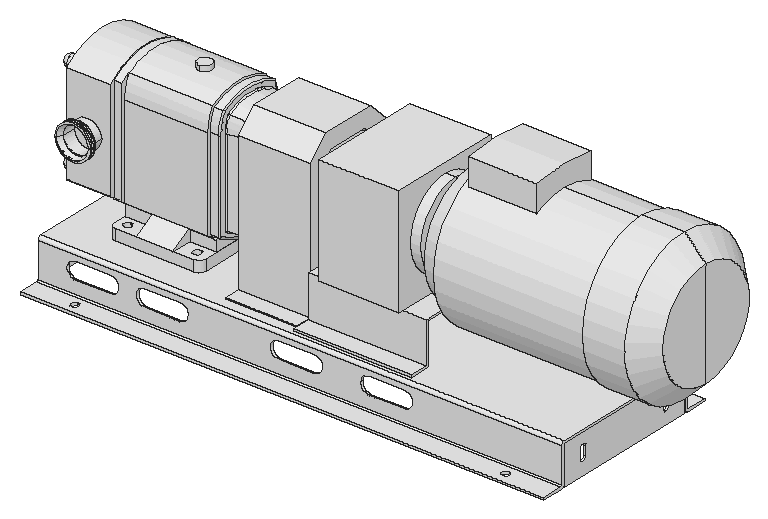
Revit family "MLP 23 - MR002 - Lobe Pump ", category Specialty Equipment, Revit 2022
Family settings
  Round Connector Dimension = Use Diameter
  Part Type = Normal
  Work Plane-Based = No
  Always vertical = Yes
  Cut with Voids When Loaded = No
  Maintain Annotation Orientation = No
  Shared = No
  Room Calculation Point = No
Parameters (values of type "MLP 23 - 4kW")
  URL = "https://en.ekinendustriyel.com/lobe-pumps/lobe-pumps"
  Pressure = 20.0 bar  # constant formula
  Motor Power = 4 kW
  Model = "MLP-23 TUL - MR002"
  Manufacturer = "Ekin Endüstriyel"
  Keynote = "Double Serpentine Heater Tank"
  Flow = 5.0 m³/h  # constant formula
  Description = "MIT MLP 23 - Lobe Pump"
  Default Elevation = 0 mm
Types (5, lengths in mm): name | Motor Power | Model
  MLP 23 - 1.5 kW | 1.5 kW | "MLP-23 TUL - MR172"
  MLP 23 - 1.1 kW | 1.1 kW | "MLP-23 TUL - MR172"
  MLP 23 - 2.2 kW | 2.2 kW | "MLP-23 TUL - MR172"
  MLP 23 - 3kW | 3 kW | "MLP-23 TUL - MR172"
  MLP 23 - 4kW | 4 kW | "MLP-23 TUL - MR002"
Reference planes
  plane 1 "Center (Front/Back)": y = 0
  plane 2: z = 0
  plane 3 "Center (Left/Right)": x = 0
Forms (mm)
  Extrusion 1, solid, material "Ekin Endüstriyel_StainlesSteel", detail levels medium+fine
    sketch origin (0, 0, 0) x (0, 1, 0) y (0, 0, 1)
      loop
        arc (65, 198) -> (0, 223) -> (-65, 198) r 97
        line (-65, 198) -> (-65, 54)
        arc (-65, 54) -> (0, 29) -> (65, 54) r 97
        line (65, 54) -> (65, 198)
    from -0.581 to -63.081
  Extrusion 2, solid, material "Ekin Endüstriyel_StainlesSteel", detail levels medium+fine
    sketch origin (0, 0, 0) x (0, 1, 0) y (0, 0, 1)
      loop
        arc (-48, 210.291) -> (-53.968, 195.324) -> (-56, 179.34) r 63.873
        line (-56, 179.34) -> (-56, 46.798)
        arc (-56, 46.798) -> (0, 29) -> (56, 46.798) r 97
        line (56, 46.798) -> (56, 169.858)
        arc (56, 169.858) -> (53.981, 190.467) -> (48, 210.291) r 106.175
        arc (48, 210.291) -> (0, 223) -> (-48, 210.291) r 97
    from 132.919 to 11.419
  Extrusion 3, solid, material "Ekin Endüstriyel_StainlesSteel", detail levels coarse
    sketch origin (0, 0, 0) x (0, 1, 0) y (0, 0, 1)
      loop
        arc (65, 198) -> (0, 223) -> (-65, 198) r 97
        line (-65, 198) -> (-65, 54)
        arc (-65, 54) -> (0, 29) -> (65, 54) r 97
        line (65, 54) -> (65, 198)
    from -63.081 to 183.857
  Sweep 4, solid, material "Ekin Endüstriyel_StainlesSteel", detail levels medium+fine
    path in 3D
      loop
        arc (132.919, 48, 210.291) -> (132.919, 53.981, 190.467) -> (132.919, 56, 169.858) r 106.175
        line (132.919, 56, 169.858) -> (132.919, 56, 46.798)
        arc (132.919, 56, 46.798) -> (132.919, 0, 29) -> (132.919, -56, 46.798) r 97
        line (132.919, -56, 46.798) -> (132.919, -56, 179.34)
        arc (132.919, -56, 179.34) -> (132.919, -53.968, 195.324) -> (132.919, -48, 210.291) r 63.873
        arc (132.919, -48, 210.291) -> (132.919, 0, 223) -> (132.919, 48, 210.291) r 97
    profile origin (132.919, 0, 223) x (0, 0, 1) y (1, 0, 0)
      loop
        line (-2.005, 0) -> (-2.005, 13.004)
        arc (-2.005, 13.004) -> (-2.584, 14.402) -> (-3.981, 14.98) r 1.976
        line (-3.981, 14.98) -> (-10.133, 14.98)
        arc (-10.133, 14.98) -> (-11.482, 15.503) -> (-12.125, 16.799) r 2
        line (-12.125, 16.799) -> (-15.082, 49.18)
        arc (-15.082, 49.18) -> (-15.704, 50.432) -> (-17.007, 50.938) r 1.933
        line (-17.007, 50.938) -> (-23.918, 50.938) -> (-23.918, 0) -> (-2.005, 0)
  Extrusion 5, solid, material "Ekin Endüstriyel_StainlesSteel", detail levels medium+fine
    sketch origin (0, 0, 0) x (0, 1, 0) y (0, 0, 1)
      loop
        arc (-29.766, 192.746) -> (-31.499, 186.142) -> (-32.082, 179.34) r 39.955
        line (-32.082, 179.34) -> (-32.082, 60.336)
        arc (-32.082, 60.336) -> (0, 52.918) -> (32.082, 60.336) r 73.082
        line (32.082, 60.336) -> (32.082, 169.858)
        arc (32.082, 169.858) -> (31.232, 181.657) -> (28.697, 193.212) r 82.257
        arc (28.697, 193.212) -> (-0.583, 199.08) -> (-29.766, 192.746) r 73.082
    from 132.919 to 183.857
  Revolve 6, solid, material "Ekin Endüstriyel_StainlesSteel", detail levels fine
    sketch origin (35.739, 0, 123.787) x (1, 0, 0) y (0, 1, 0)
      loop
        line (-89.934, -65.017) -> (-89.934, -81.023) -> (-93.069, -81.023) -> (-94.837, -82.044) -> (-92.833, -83.2) -> (-94.837, -84.357) -> (-92.832, -85.515) -> (-94.837, -86.672) -> (-92.833, -87.829) -> (-94.837, -88.986) -> (-92.658, -90.244) -> (-94.841, -91.504) -> (-92.498, -91.504) -> (-89.934, -83.591) -> (-88.813, -83.591) -> (-88.813, -65.017) -> (-89.934, -65.017)
      axis (-69.763, -65.017) -> (-69.763, -91.504)
    angle from 0 to 360
  Extrusion 7, solid, material "Ekin Endüstriyel_StainlesSteel"
    sketch origin (-63.081, 0, 0) x (0, -1, 0) y (0, 0, 1)
      loop
        circle (0, 126) r 50
    from 0 to 10
  Extrusion 8, solid, material "Ekin Endüstriyel_StainlesSteel", detail levels medium+fine
    sketch origin (0, 0, 0) x (0, 1, 0) y (0, 0, 1)
      loop
        line (-34.093, 32.841) -> (-65, 15) -> (65, 15) -> (34.097, 32.842)
        arc (34.097, 32.842) -> (0.002, 27.834) -> (-34.093, 32.841) r 118.583
    from 36.862 to 89.521
  Extrusion 9, solid, material "Ekin Endüstriyel_StainlesSteel", detail levels medium
    sketch origin (-75.568, 0, 30.923) x (1, 0, 0) y (0, 0, 1)
      loop
        circle (41.544, 92.864) r 25.078
      loop
        circle (41.544, 92.864) r 19.05
    from 65.017 to 91.504
  Extrusion 10, solid, material "Ekin Endüstriyel_StainlesSteel"
    sketch origin (107.25, 0, 153) x (0, 0, 1) y (0, 1, 0)
      loop
        circle (0, 0) r 11
    from -123.169 to -76.607
  Extrusion 11, solid, material "Ekin Endüstriyel_StainlesSteel", detail levels medium+fine
    sketch origin (0, 0, 0) x (0, 1, 0) y (0, 0, 1)
      loop
        line (-60, 202.217) -> (-60, 49.783)
        arc (-60, 49.783) -> (0, 29) -> (60, 49.783) r 97
        line (60, 49.783) -> (60, 202.217)
        arc (60, 202.217) -> (0, 223) -> (-60, 202.217) r 97
    from 11.419 to -0.581
  Extrusion 12, solid, material "Ekin Endüstriyel_StainlesSteel", detail levels coarse
    sketch origin (-99.135, 0, 4.353) x (1, 0, 0) y (0, 0, 1)
      loop
        circle (65.111, 119.434) r 25.078
    from 65 to 91.504
  Extrusion 13, solid, material "Ekin Endüstriyel_StainlesSteel"
    sketch origin (0, 0, 0) x (1, 0, 0) y (0, 1, 0)
      loop
        circle (12.419, -50) r 6
      loop
        circle (112.419, -50) r 6
      loop
        circle (12.419, 50) r 6
      loop
        circle (112.419, 50) r 6
      loop
        line (119.419, 65) -> (7.419, 65)
        arc (7.419, 65) -> (0.348, 62.071) -> (-2.581, 55) r 10
        line (-2.581, 55) -> (-2.581, -55)
        arc (-2.581, -55) -> (0.348, -62.071) -> (7.419, -65) r 10
        line (7.419, -65) -> (119.419, -65)
        arc (119.419, -65) -> (126.49, -62.071) -> (129.419, -55) r 10
        line (129.419, -55) -> (129.419, 55)
        arc (129.419, 55) -> (126.49, 62.071) -> (119.419, 65) r 10
    from 0 to 15
  Extrusion 14, solid, material "Ekin Endüstriyel_StainlesSteel"
    sketch origin (0, 0, 0) x (0, 1, 0) y (0, 0, 1)
      loop
        arc (-33.135, 32.594) -> (-34.417, 32.362) -> (-35, 31.197) r 1.456
        line (-35, 31.197) -> (-35, 15) -> (35.25, 15) -> (35.25, 31.095)
        arc (35.25, 31.095) -> (34.637, 32.321) -> (33.289, 32.566) r 1.532
        arc (33.289, 32.566) -> (0.075, 27.834) -> (-33.135, 32.594) r 118.583
    from -2.581 to 129.018
  Revolve 15, solid, material "Ekin Endüstriyel_StainlesSteel", detail levels fine
    sketch origin (56.401, 0, 191.795) x (1, 0, 0) y (0, 1, 0)
      loop
        line (-119.482, -48.5) -> (-119.482, -39.954) -> (-141.528, -39.954)
        arc (-141.528, -39.954) -> (-139.025, -45.997) -> (-132.982, -48.5) r 8.546
        line (-132.982, -48.5) -> (-119.482, -48.5)
      axis (-119.482, -39.954) -> (-141.528, -39.954)
    angle from 0 to 360
  Extrusion 16, solid, material "Ekin Endüstriyel_StainlesSteel", detail levels medium+fine
    sketch origin (0, 0, 0) x (1, 0, 0) y (0, 1, 0)
      loop
        circle (83.419, 0) r 10
    from 221 to 229
  Extrusion 17, solid, material "Ekin Endüstriyel_StainlesSteel", detail levels coarse+medium
    sketch origin (-119.482, 0, 146.417) x (0, 0, 1) y (0, 1, 0)
      loop
        circle (45.378, -39.954) r 8.546
      loop
        circle (45.378, 39.954) r 8.546
      loop
        circle (-86.212, 39.954) r 8.546
      loop
        circle (-86.212, -39.954) r 8.546
    from -56.401 to -33.901
  Revolve 18, solid, material "Ekin Endüstriyel_StainlesSteel", detail levels fine
    sketch origin (56.401, 0, 191.795) x (1, 0, 0) y (0, 1, 0)
      loop
        line (-119.482, 48.5) -> (-132.982, 48.5)
        arc (-132.982, 48.5) -> (-139.025, 45.997) -> (-141.528, 39.954) r 8.546
        line (-141.528, 39.954) -> (-119.482, 39.954) -> (-119.482, 48.5)
      axis (-119.482, 39.954) -> (-141.528, 39.954)
    angle from 0 to 360
  Revolve 19, solid, material "Ekin Endüstriyel_StainlesSteel", detail levels fine
    sketch origin (56.401, 0, 60.205) x (1, 0, 0) y (0, 1, 0)
      loop
        line (-119.482, -48.5) -> (-119.482, -39.954) -> (-141.528, -39.954)
        arc (-141.528, -39.954) -> (-139.025, -45.997) -> (-132.982, -48.5) r 8.546
        line (-132.982, -48.5) -> (-119.482, -48.5)
      axis (-119.482, -39.954) -> (-141.528, -39.954)
    angle from 0 to 360
  Revolve 20, solid, material "Ekin Endüstriyel_StainlesSteel", detail levels fine
    sketch origin (56.401, 0, 60.205) x (1, 0, 0) y (0, 1, 0)
      loop
        line (-119.482, 48.5) -> (-132.982, 48.5)
        arc (-132.982, 48.5) -> (-139.025, 45.997) -> (-141.528, 39.954) r 8.546
        line (-141.528, 39.954) -> (-119.482, 39.954) -> (-119.482, 48.5)
      axis (-119.482, 39.954) -> (-141.528, 39.954)
    angle from 0 to 360
  Extrusion 21, solid, material "Ekin Endüstriyel_StainlesSteel", detail levels medium
    sketch origin (-75.568, 0, 30.923) x (1, 0, 0) y (0, 0, -1)
      loop
        circle (41.544, -92.864) r 25.078
      loop
        circle (41.544, -92.864) r 19.05
    from 65.017 to 91.504
  Extrusion 22, solid, material "Ekin Endüstriyel_StainlesSteel", detail levels coarse
    sketch origin (-99.135, 0, 4.353) x (1, 0, 0) y (0, 0, -1)
      loop
        circle (65.111, -119.434) r 25.078
    from 65 to 91.504
  Revolve 23, solid, material "Ekin Endüstriyel_StainlesSteel", detail levels fine
    sketch origin (35.739, 0, 123.787) x (1, 0, 0) y (0, 1, 0)
      loop
        line (-89.934, 65.017) -> (-88.813, 65.017) -> (-88.813, 83.591) -> (-89.934, 83.591) -> (-92.498, 91.504) -> (-94.841, 91.504) -> (-92.658, 90.244) -> (-94.837, 88.986) -> (-92.833, 87.829) -> (-94.837, 86.672) -> (-92.832, 85.515) -> (-94.837, 84.357) -> (-92.833, 83.2) -> (-94.837, 82.044) -> (-93.069, 81.023) -> (-89.934, 81.023) -> (-89.934, 65.017)
      axis (-69.763, 65.017) -> (-69.763, 91.504)
    angle from 0 to 360
  Extrusion 24, solid, material "Ekin Endüstriyel_StainlesSteel", detail levels medium+fine
    sketch origin (57.669, 0, 0) x (0, 1, 0) y (0, 0, 1)
      loop
        line (145, -57) -> (114.5, -57)
        arc (114.5, -57) -> (113.086, -56.414) -> (112.5, -55) r 2
        line (112.5, -55) -> (112.5, -5)
        arc (112.5, -5) -> (111.036, -1.464) -> (107.5, 0) r 5
        line (107.5, 0) -> (-107.5, 0)
        arc (-107.5, 0) -> (-111.036, -1.464) -> (-112.5, -5) r 5
        line (-112.5, -5) -> (-112.5, -55)
        arc (-112.5, -55) -> (-113.086, -56.414) -> (-114.5, -57) r 2
        line (-114.5, -57) -> (-145, -57) -> (-145, -60) -> (-114.5, -60)
        arc (-114.5, -60) -> (-110.964, -58.536) -> (-109.5, -55) r 5
        line (-109.5, -55) -> (-109.5, -5)
        arc (-109.5, -5) -> (-108.914, -3.586) -> (-107.5, -3) r 2
        line (-107.5, -3) -> (107.5, -3)
        arc (107.5, -3) -> (108.914, -3.586) -> (109.5, -5) r 2
        line (109.5, -5) -> (109.5, -55)
        arc (109.5, -55) -> (110.964, -58.536) -> (114.5, -60) r 5
        line (114.5, -60) -> (145, -60) -> (145, -57)
    from -124.25 to 629.75
  Extrusion 25, void
    sketch origin (57.669, -112.5, -5) x (0, 0, -1) y (1, 0, 0)
      loop
        line (7.5, -20.25) -> (7.5, -70.25)
        arc (7.5, -70.25) -> (20, -82.75) -> (32.5, -70.25) r 12.5
        line (32.5, -70.25) -> (32.5, -20.25)
        arc (32.5, -20.25) -> (20, -7.75) -> (7.5, -20.25) r 12.5
      loop
        arc (7.5, 29.75) -> (20, 17.25) -> (32.5, 29.75) r 12.5
        line (32.5, 29.75) -> (32.5, 79.75)
        arc (32.5, 79.75) -> (20, 92.25) -> (7.5, 79.75) r 12.5
        line (7.5, 79.75) -> (7.5, 29.75)
      loop
        line (7, 272.75) -> (7, 222.75)
        arc (7, 222.75) -> (19.5, 210.25) -> (32, 222.75) r 12.5
        line (32, 222.75) -> (32, 272.75)
        arc (32, 272.75) -> (19.5, 285.25) -> (7, 272.75) r 12.5
      loop
        arc (7, 352.75) -> (19.5, 340.25) -> (32, 352.75) r 12.5
        line (32, 352.75) -> (32, 402.75)
        arc (32, 402.75) -> (19.5, 415.25) -> (7, 402.75) r 12.5
        line (7, 402.75) -> (7, 352.75)
    from 0 to -225
  Extrusion 26, solid, material "Ekin Endüstriyel_StainlesSteel", detail levels medium+fine
    sketch origin (-66.581, 0, 0) x (0, -1, 0) y (0, 0, 1)
      loop
        line (-107.5, -60) -> (107.5, -60) -> (107.5, -3) -> (-107.5, -3) -> (-107.5, -60)
      loop
        arc (-69, -24) -> (-75, -18) -> (-81, -24) r 6
        line (-81, -24) -> (-81, -36)
        arc (-81, -36) -> (-75, -42) -> (-69, -36) r 6
        line (-69, -36) -> (-69, -24)
      loop
        arc (81, -24) -> (75, -18) -> (69, -24) r 6
        line (69, -24) -> (69, -36)
        arc (69, -36) -> (75, -42) -> (81, -36) r 6
        line (81, -36) -> (81, -24)
    from 0 to -3
  Extrusion 27, solid, material "Ekin Endüstriyel_StainlesSteel", detail levels medium+fine
    sketch origin (684.419, 0, 0) x (0, -1, 0) y (0, 0, 1)
      loop
        line (-107.5, -60) -> (107.5, -60) -> (107.5, -3) -> (-107.5, -3) -> (-107.5, -60)
      loop
        arc (-69, -24) -> (-75, -18) -> (-81, -24) r 6
        line (-81, -24) -> (-81, -36)
        arc (-81, -36) -> (-75, -42) -> (-69, -36) r 6
        line (-69, -36) -> (-69, -24)
      loop
        arc (81, -24) -> (75, -18) -> (69, -24) r 6
        line (69, -24) -> (69, -36)
        arc (69, -36) -> (75, -42) -> (81, -36) r 6
        line (81, -36) -> (81, -24)
    from 0 to -3
  Extrusion 28, void
    sketch origin (57.669, 0, 0) x (1, 0, 0) y (0, 1, 0)
      loop
        circle (562.75, 130) r 5.5
      loop
        circle (-57.25, 130) r 5.5
      loop
        circle (-57.25, -130) r 5.5
      loop
        circle (562.75, -130) r 5.5
    from -60 to -57
  Extrusion 29, solid, material "Ekin Endüstriyel_StainlesSteel", detail levels coarse
    sketch origin (57.669, 0, 0) x (1, 0, 0) y (0, 1, 0)
      loop
        line (-124.25, -145) -> (629.75, -145) -> (629.75, 145) -> (-124.25, 145) -> (-124.25, -145)
    from 0 to -60
  Extrusion 30, solid, material "Ekin Endüstriyel_StainlesSteel", detail levels medium+fine
    sketch origin (183.919, 0, 0) x (0, 1, 0) y (0, 0, 1)
      loop
        line (-68.052, 199.987) -> (-68.052, 1.499) -> (-91.833, 1.499) -> (-91.833, 0) -> (-43.922, 0) -> (-43.922, 189.992) -> (-30.826, 203.088) -> (30.828, 203.088) -> (43.924, 189.992) -> (43.924, 0) -> (91.835, 0) -> (91.835, 1.499) -> (68.054, 1.499) -> (68.054, 199.987) -> (40.823, 227.218) -> (-40.821, 227.218) -> (-68.052, 199.987)
    from 2.472 to 105.552
  Extrusion 31, solid, material "Ekin Endüstriyel_StainlesSteel", detail levels coarse
    sketch origin (57.669, 0, 0) x (0, 1, 0) y (0, 0, 1)
      loop
        line (-75, 63) -> (-75, 0) -> (75, 0) -> (75, 63) -> (-75, 63)
    from 234.75 to 404.75
  Extrusion 32, solid, material "Ekin Endüstriyel_StainlesSteel", detail levels coarse
    sketch origin (183.919, 0, 0) x (0, 1, 0) y (0, 0, 1)
      loop
        line (-68.052, 199.987) -> (-68.052, 0) -> (68.054, 0) -> (68.054, 199.987) -> (40.823, 227.218) -> (-40.821, 227.218) -> (-68.052, 199.987)
    from 2.472 to 105.552
  Extrusion 33, solid, material "Ekin Endüstriyel_StainlesSteel", detail levels medium+fine
    sketch origin (57.669, 0, 0) x (0, 1, 0) y (0, 0, 1)
      loop
        line (-102, 3) -> (-102, 0) -> (-72, 0) -> (-72, 60) -> (72, 60) -> (72, 0) -> (102, 0) -> (102, 3) -> (75, 3) -> (75, 63) -> (-75, 63) -> (-75, 3) -> (-102, 3)
    from 234.75 to 404.75
  Extrusion 34, solid, material "Ekin Endüstriyel_StainlesSteel", not visible, detail levels coarse
    sketch origin (57.669, 0, 0) x (0, 1, 0) y (0, 0, 1)
      loop
        circle (-0.388, 147.07) r 88.007
    from 370.695 to 675.281
  Extrusion 35, solid, material "Ekin Endüstriyel_StainlesSteel", detail levels medium+fine
    sketch origin (57.669, 0, 0) x (0, 1, 0) y (0, 0, 1)
      loop
        line (-82.265, 63) -> (82.454, 63) -> (82.454, 220) -> (-82.265, 220) -> (-82.265, 63)
    from 255.281 to 370.695
  Revolve 36, solid, material "Ekin Endüstriyel_StainlesSteel", not visible, detail levels medium+fine
    sketch origin (57.669, -0.387, 73) x (0, 0, -1) y (1, 0, 0)
      loop
        line (-74.07, 675.024) -> (-137.618, 675.024) -> (-162.077, 650.565) -> (-162.077, 601.58) -> (-159.117, 601.58) -> (-159.117, 418.669) -> (-145.045, 418.669) -> (-137.651, 402.024) -> (-111.628, 402.024) -> (-111.628, 383.723) -> (-136.768, 383.723) -> (-136.768, 370.654) -> (-74.07, 370.654) -> (-74.07, 675.024)
      loop
        line (-129.237, 242.269) -> (-114.745, 242.269) -> (-114.745, 237.155) -> (-97.485, 237.155) -> (-97.485, 231.802) -> (-74.07, 231.802) -> (-74.07, 255.233) -> (-129.489, 255.233) -> (-129.237, 242.269)
      axis (-74.07, 231.802) -> (-74.07, 675.024)
    angle from 0 to 360
  Extrusion 37, solid, material "Ekin Endüstriyel_StainlesSteel", detail levels medium+fine
    sketch origin (738.943, -0.387, 147.07) x (0, 1, 0) y (0, 0, 1)
      loop
        arc (-48.113, 73.691) -> (0.487, 88.005) -> (48.925, 73.154) r 88.007
        line (48.925, 73.154) -> (48.925, 127.657)
        arc (48.925, 127.657) -> (0.415, 132.243) -> (-48.113, 127.847) r 264.363
        line (-48.113, 127.847) -> (-48.113, 73.691)
    from -236.966 to -139.337
  Extrusion 38, solid, material "Ekin Endüstriyel_StainlesSteel", detail levels coarse
    sketch origin (57.669, -70, 63) x (0, 1, 0) y (-1, 0, 0)
      loop
        line (152.454, -370.695) -> (152.454, -231.75) -> (-12.265, -231.75) -> (-12.265, -370.695) -> (152.454, -370.695)
    from 0 to 157
  Extrusion 39, solid, material "Ekin Endüstriyel_StainlesSteel", not visible, detail levels coarse
    sketch origin (104.74, 0.388, -2.5) x (0, 1, 0) y (0, 0, 1)
      loop
        circle (-0.388, 147.07) r 96
    from 323.624 to 675.281
  Revolve 40, solid, material "Ekin Endüstriyel_StainlesSteel", not visible, detail levels medium+fine
    sketch origin (104.74, 0, 70.5) x (0, 0, -1) y (1, 0, 0)
      loop
        line (-74.07, 675.024) -> (-143.868, 675.024) -> (-170.515, 648.377) -> (-170.515, 593.179) -> (-161.305, 593.179) -> (-161.305, 384.648) -> (-156.685, 384.648) -> (-149.748, 355.273) -> (-111.628, 355.273) -> (-111.628, 340.113) -> (-149.748, 340.113) -> (-149.748, 323.624) -> (-74.07, 323.624) -> (-74.07, 675.024)
      loop
        line (-129.237, 194.201) -> (-114.745, 194.201) -> (-114.745, 189.087) -> (-97.485, 189.087) -> (-97.485, 184.731) -> (-74.07, 184.731) -> (-74.07, 208.21) -> (-129.509, 208.21) -> (-129.237, 194.201)
      axis (-74.07, 184.731) -> (-74.07, 675.024)
    angle from 0 to 360
  Extrusion 41, solid, material "Ekin Endüstriyel_StainlesSteel", detail levels coarse
    sketch origin (104.74, 0.388, -2.5) x (0, 1, 0) y (0, 0, 1)
      loop
        circle (-0.388, 147.07) r 107.694
    from 323.624 to 699.784
  Revolve 42, solid, material "Ekin Endüstriyel_StainlesSteel", detail levels medium+fine
    sketch origin (104.74, 0, 70.5) x (0, 0, -1) y (1, 0, 0)
      loop
        line (-74.07, 699.784) -> (-150.983, 699.784) -> (-181.765, 669.002) -> (-181.765, 608.179) -> (-178.492, 608.179) -> (-178.492, 391.155) -> (-166.624, 391.155) -> (-158.98, 363.067) -> (-111.628, 363.067) -> (-111.628, 340.113) -> (-136.628, 340.113) -> (-136.628, 323.624) -> (-74.07, 323.624) -> (-74.07, 699.784)
      loop
        line (-129.237, 194.201) -> (-114.745, 194.201) -> (-114.745, 189.087) -> (-97.485, 189.087) -> (-97.485, 184.731) -> (-74.07, 184.731) -> (-74.07, 208.21) -> (-129.509, 208.21) -> (-129.237, 194.201)
      axis (-74.07, 184.731) -> (-74.07, 699.784)
    angle from 0 to 360
Cuts and joins
  joined: Sweep 4, Extrusion 5
  joined: Extrusion 2, Extrusion 11, Extrusion 16
  Extrusion 25, Extrusion 28 cuts Extrusion 24
Lines and regions (mm)
  sketch lines
    curve 1: arc (132.919, -48, 210.291) -> (132.919, 0, 223) -> (132.919, 48, 210.291) r 97
    curve 2: arc (132.919, -56, 179.34) -> (132.919, -53.968, 195.324) -> (132.919, -48, 210.291) r 63.873
    curve 3: line (132.919, -56, 179.34) -> (132.919, -56, 46.798)
    curve 4: arc (132.919, 56, 46.798) -> (132.919, 0, 29) -> (132.919, -56, 46.798) r 97
    curve 5: line (132.919, 56, 46.798) -> (132.919, 56, 169.858)
    curve 6: arc (132.919, 48, 210.291) -> (132.919, 53.981, 190.467) -> (132.919, 56, 169.858) r 106.175
Dimensions and locks
  aligned and locked: level to plane 2
Connectors
  piping at (-34.024, -91.504, 123.787), diameter 38.1
    settings: on Extrusion 9, index 1, connector inside diameter 609.6 mm, connector length 0 mm, flow factor 0, pipe flow 0.0 m³/h, pressure drop 0.0 bar, fitting loss kfactor 0, connector angle 0.00°, fixture units 0, engagement length 0 mm, angle of deflection 0.00°, flow configuration 0, flow direction 0, fitting loss method 0, system type 7, joint type 0, gender type 0, connector reference index -1, connector utility 0, adjustable connector no, is connector primary yes, connector description ""
  piping at (-34.024, 91.504, 123.787), diameter 38.1
    settings: on Extrusion 21, index 2, connector inside diameter 609.6 mm, connector length 0 mm, flow factor 0, pipe flow 0.0 m³/h, pressure drop 0.0 bar, fitting loss kfactor 0, connector angle 0.00°, fixture units 0, engagement length 0 mm, angle of deflection 0.00°, flow configuration 0, flow direction 0, fitting loss method 0, system type 7, joint type 0, gender type 0, connector reference index -1, connector utility 0, adjustable connector no, is connector primary no, connector description ""
